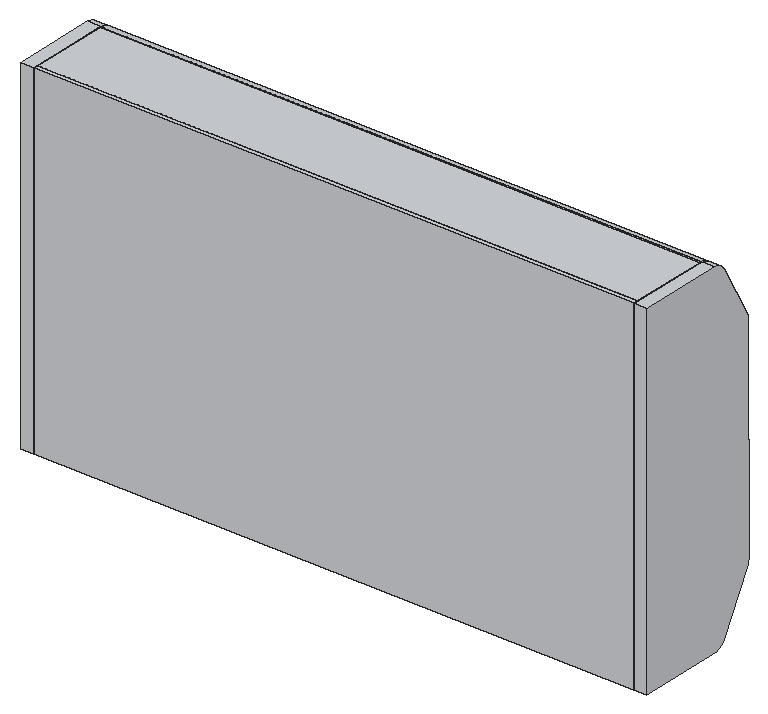
Revit family "Caspian LST 120 Mk1", category Mechanical Equipment, host Wall, Revit 2017 (continued)
Forms (mm)
  Extrusion 204, solid, material <- "Specification"
    sketch origin (-48.769, -41.539, 74.266) x (0, 1, 0) y (0, 0, 1)
      loop
        line (310.877, 552.946) -> (309.269, 555.822) -> (307.087, 554.602) -> (308.696, 551.726) -> (310.877, 552.946)
    from 210 to 250
  Extrusion 205, solid, material <- "Specification"
    sketch origin (-93.769, -41.539, 74.266) x (0, 1, 0) y (0, 0, 1)
      loop
        line (310.877, 552.946) -> (309.269, 555.822) -> (307.087, 554.602) -> (308.696, 551.726) -> (310.877, 552.946)
    from 210 to 250
  Extrusion 206, solid, material <- "Specification"
    sketch origin (-138.769, -41.539, 74.266) x (0, 1, 0) y (0, 0, 1)
      loop
        line (310.877, 552.946) -> (309.269, 555.822) -> (307.087, 554.602) -> (308.696, 551.726) -> (310.877, 552.946)
    from 210 to 250
  Extrusion 207, solid, material <- "Specification"
    sketch origin (-183.769, -41.539, 74.266) x (0, 1, 0) y (0, 0, 1)
      loop
        line (310.877, 552.946) -> (309.269, 555.822) -> (307.087, 554.602) -> (308.696, 551.726) -> (310.877, 552.946)
    from 210 to 250
  Extrusion 208, solid, material <- "Specification"
    sketch origin (-228.769, -41.539, 74.266) x (0, 1, 0) y (0, 0, 1)
      loop
        line (310.877, 552.946) -> (309.269, 555.822) -> (307.087, 554.602) -> (308.696, 551.726) -> (310.877, 552.946)
    from 210 to 250
  Extrusion 209, solid, material <- "Specification"
    sketch origin (3.769, -41.539, 74.266) x (0, 1, 0) y (0, 0, -1)
      loop
        line (310.877, -552.946) -> (308.696, -551.726) -> (307.087, -554.602) -> (309.269, -555.822) -> (310.877, -552.946)
    from 210 to 250
  Extrusion 210, solid, material <- "Specification"
    sketch origin (48.769, -41.539, 74.266) x (0, 1, 0) y (0, 0, -1)
      loop
        line (310.877, -552.946) -> (308.696, -551.726) -> (307.087, -554.602) -> (309.269, -555.822) -> (310.877, -552.946)
    from 210 to 250
  Extrusion 211, solid, material <- "Specification"
    sketch origin (93.769, -41.539, 74.266) x (0, 1, 0) y (0, 0, -1)
      loop
        line (310.877, -552.946) -> (308.696, -551.726) -> (307.087, -554.602) -> (309.269, -555.822) -> (310.877, -552.946)
    from 210 to 250
  Extrusion 212, solid, material <- "Specification"
    sketch origin (138.769, -41.539, 74.266) x (0, 1, 0) y (0, 0, -1)
      loop
        line (310.877, -552.946) -> (308.696, -551.726) -> (307.087, -554.602) -> (309.269, -555.822) -> (310.877, -552.946)
    from 210 to 250
  Extrusion 213, solid, material <- "Specification"
    sketch origin (183.769, -41.539, 74.266) x (0, 1, 0) y (0, 0, -1)
      loop
        line (310.877, -552.946) -> (308.696, -551.726) -> (307.087, -554.602) -> (309.269, -555.822) -> (310.877, -552.946)
    from 210 to 250
  Extrusion 214, solid, material <- "Specification"
    sketch origin (-3.769, -44.734, 79.979) x (0, 1, 0) y (0, 0, 1)
      loop
        line (310.877, 552.946) -> (309.269, 555.822) -> (307.087, 554.602) -> (308.696, 551.726) -> (310.877, 552.946)
    from 210 to 250
  Extrusion 215, solid, material <- "Specification"
    sketch origin (-48.769, -44.734, 79.979) x (0, 1, 0) y (0, 0, 1)
      loop
        line (310.877, 552.946) -> (309.269, 555.822) -> (307.087, 554.602) -> (308.696, 551.726) -> (310.877, 552.946)
    from 210 to 250
  Extrusion 216, solid, material <- "Specification"
    sketch origin (-93.769, -44.734, 79.979) x (0, 1, 0) y (0, 0, 1)
      loop
        line (310.877, 552.946) -> (309.269, 555.822) -> (307.087, 554.602) -> (308.696, 551.726) -> (310.877, 552.946)
    from 210 to 250
  Extrusion 217, solid, material <- "Specification"
    sketch origin (-138.769, -44.734, 79.979) x (0, 1, 0) y (0, 0, 1)
      loop
        line (310.877, 552.946) -> (309.269, 555.822) -> (307.087, 554.602) -> (308.696, 551.726) -> (310.877, 552.946)
    from 210 to 250
  Extrusion 218, solid, material <- "Specification"
    sketch origin (-183.769, -44.734, 79.979) x (0, 1, 0) y (0, 0, 1)
      loop
        line (310.877, 552.946) -> (309.269, 555.822) -> (307.087, 554.602) -> (308.696, 551.726) -> (310.877, 552.946)
    from 210 to 250
  Extrusion 219, solid, material <- "Specification"
    sketch origin (-228.769, -44.734, 79.979) x (0, 1, 0) y (0, 0, 1)
      loop
        line (310.877, 552.946) -> (309.269, 555.822) -> (307.087, 554.602) -> (308.696, 551.726) -> (310.877, 552.946)
    from 210 to 250
  Extrusion 220, solid, material <- "Specification"
    sketch origin (3.769, -44.734, 79.979) x (0, 1, 0) y (0, 0, -1)
      loop
        line (310.877, -552.946) -> (308.696, -551.726) -> (307.087, -554.602) -> (309.269, -555.822) -> (310.877, -552.946)
    from 210 to 250
  Extrusion 221, solid, material <- "Specification"
    sketch origin (48.769, -44.734, 79.979) x (0, 1, 0) y (0, 0, -1)
      loop
        line (310.877, -552.946) -> (308.696, -551.726) -> (307.087, -554.602) -> (309.269, -555.822) -> (310.877, -552.946)
    from 210 to 250
  Extrusion 222, solid, material <- "Specification"
    sketch origin (93.769, -44.734, 79.979) x (0, 1, 0) y (0, 0, -1)
      loop
        line (310.877, -552.946) -> (308.696, -551.726) -> (307.087, -554.602) -> (309.269, -555.822) -> (310.877, -552.946)
    from 210 to 250
  Extrusion 223, solid, material <- "Specification"
    sketch origin (138.769, -44.734, 79.979) x (0, 1, 0) y (0, 0, -1)
      loop
        line (310.877, -552.946) -> (308.696, -551.726) -> (307.087, -554.602) -> (309.269, -555.822) -> (310.877, -552.946)
    from 210 to 250
  Extrusion 224, solid, material <- "Specification"
    sketch origin (183.769, -44.734, 79.979) x (0, 1, 0) y (0, 0, -1)
      loop
        line (310.877, -552.946) -> (308.696, -551.726) -> (307.087, -554.602) -> (309.269, -555.822) -> (310.877, -552.946)
    from 210 to 250
  Extrusion 225, solid, material <- "Specification"
    sketch origin (221.231, 0, 0) x (0, 1, 0) y (0, 0, 1)
      loop
        line (310.877, 552.946) -> (309.269, 555.822) -> (307.087, 554.602) -> (308.696, 551.726) -> (310.877, 552.946)
    from 210 to 250
  Extrusion 226, solid, material <- "Specification"
    sketch origin (176.231, 0, 0) x (0, 1, 0) y (0, 0, 1)
      loop
        line (310.877, 552.946) -> (309.269, 555.822) -> (307.087, 554.602) -> (308.696, 551.726) -> (310.877, 552.946)
    from 210 to 250
  Extrusion 227, solid, material <- "Specification"
    sketch origin (131.231, 0, 0) x (0, 1, 0) y (0, 0, 1)
      loop
        line (310.877, 552.946) -> (309.269, 555.822) -> (307.087, 554.602) -> (308.696, 551.726) -> (310.877, 552.946)
    from 210 to 250
  Extrusion 228, solid, material <- "Specification"
    sketch origin (86.231, 0, 0) x (0, 1, 0) y (0, 0, 1)
      loop
        line (310.877, 552.946) -> (309.269, 555.822) -> (307.087, 554.602) -> (308.696, 551.726) -> (310.877, 552.946)
    from 210 to 250
  Extrusion 229, solid, material <- "Specification"
    sketch origin (41.231, 0, 0) x (0, 1, 0) y (0, 0, 1)
      loop
        line (310.877, 552.946) -> (309.269, 555.822) -> (307.087, 554.602) -> (308.696, 551.726) -> (310.877, 552.946)
    from 210 to 250
  Extrusion 230, solid, material <- "Specification"
    sketch origin (221.231, -3.195, 5.713) x (0, 1, 0) y (0, 0, 1)
      loop
        line (310.877, 552.946) -> (309.269, 555.822) -> (307.087, 554.602) -> (308.696, 551.726) -> (310.877, 552.946)
    from 210 to 250
  Extrusion 231, solid, material <- "Specification"
    sketch origin (176.231, -3.195, 5.713) x (0, 1, 0) y (0, 0, 1)
      loop
        line (310.877, 552.946) -> (309.269, 555.822) -> (307.087, 554.602) -> (308.696, 551.726) -> (310.877, 552.946)
    from 210 to 250
  Extrusion 232, solid, material <- "Specification"
    sketch origin (131.231, -3.195, 5.713) x (0, 1, 0) y (0, 0, 1)
      loop
        line (310.877, 552.946) -> (309.269, 555.822) -> (307.087, 554.602) -> (308.696, 551.726) -> (310.877, 552.946)
    from 210 to 250
  Extrusion 233, solid, material <- "Specification"
    sketch origin (86.231, -3.195, 5.713) x (0, 1, 0) y (0, 0, 1)
      loop
        line (310.877, 552.946) -> (309.269, 555.822) -> (307.087, 554.602) -> (308.696, 551.726) -> (310.877, 552.946)
    from 210 to 250
  Extrusion 234, solid, material <- "Specification"
    sketch origin (41.231, -3.195, 5.713) x (0, 1, 0) y (0, 0, 1)
      loop
        line (310.877, 552.946) -> (309.269, 555.822) -> (307.087, 554.602) -> (308.696, 551.726) -> (310.877, 552.946)
    from 210 to 250
  Extrusion 235, solid, material <- "Specification"
    sketch origin (221.231, -6.391, 11.426) x (0, 1, 0) y (0, 0, 1)
      loop
        line (310.877, 552.946) -> (309.269, 555.822) -> (307.087, 554.602) -> (308.696, 551.726) -> (310.877, 552.946)
    from 210 to 250
  Extrusion 236, solid, material <- "Specification"
    sketch origin (176.231, -6.391, 11.426) x (0, 1, 0) y (0, 0, 1)
      loop
        line (310.877, 552.946) -> (309.269, 555.822) -> (307.087, 554.602) -> (308.696, 551.726) -> (310.877, 552.946)
    from 210 to 250
  Extrusion 237, solid, material <- "Specification"
    sketch origin (131.231, -6.391, 11.426) x (0, 1, 0) y (0, 0, 1)
      loop
        line (310.877, 552.946) -> (309.269, 555.822) -> (307.087, 554.602) -> (308.696, 551.726) -> (310.877, 552.946)
    from 210 to 250
  Extrusion 238, solid, material <- "Specification"
    sketch origin (86.231, -6.391, 11.426) x (0, 1, 0) y (0, 0, 1)
      loop
        line (310.877, 552.946) -> (309.269, 555.822) -> (307.087, 554.602) -> (308.696, 551.726) -> (310.877, 552.946)
    from 210 to 250
  Extrusion 239, solid, material <- "Specification"
    sketch origin (41.231, -6.391, 11.426) x (0, 1, 0) y (0, 0, 1)
      loop
        line (310.877, 552.946) -> (309.269, 555.822) -> (307.087, 554.602) -> (308.696, 551.726) -> (310.877, 552.946)
    from 210 to 250
  Extrusion 240, solid, material <- "Specification"
    sketch origin (221.231, -9.586, 17.138) x (0, 1, 0) y (0, 0, 1)
      loop
        line (310.877, 552.946) -> (309.269, 555.822) -> (307.087, 554.602) -> (308.696, 551.726) -> (310.877, 552.946)
    from 210 to 250
  Extrusion 241, solid, material <- "Specification"
    sketch origin (176.231, -9.586, 17.138) x (0, 1, 0) y (0, 0, 1)
      loop
        line (310.877, 552.946) -> (309.269, 555.822) -> (307.087, 554.602) -> (308.696, 551.726) -> (310.877, 552.946)
    from 210 to 250
  Extrusion 242, solid, material <- "Specification"
    sketch origin (131.231, -9.586, 17.138) x (0, 1, 0) y (0, 0, 1)
      loop
        line (310.877, 552.946) -> (309.269, 555.822) -> (307.087, 554.602) -> (308.696, 551.726) -> (310.877, 552.946)
    from 210 to 250
  Extrusion 243, solid, material <- "Specification"
    sketch origin (86.231, -9.586, 17.138) x (0, 1, 0) y (0, 0, 1)
      loop
        line (310.877, 552.946) -> (309.269, 555.822) -> (307.087, 554.602) -> (308.696, 551.726) -> (310.877, 552.946)
    from 210 to 250
  Extrusion 244, solid, material <- "Specification"
    sketch origin (41.231, -9.586, 17.138) x (0, 1, 0) y (0, 0, 1)
      loop
        line (310.877, 552.946) -> (309.269, 555.822) -> (307.087, 554.602) -> (308.696, 551.726) -> (310.877, 552.946)
    from 210 to 250
  Extrusion 245, solid, material <- "Specification"
    sketch origin (221.231, -12.781, 22.851) x (0, 1, 0) y (0, 0, 1)
      loop
        line (310.877, 552.946) -> (309.269, 555.822) -> (307.087, 554.602) -> (308.696, 551.726) -> (310.877, 552.946)
    from 210 to 250
  Extrusion 246, solid, material <- "Specification"
    sketch origin (176.231, -12.781, 22.851) x (0, 1, 0) y (0, 0, 1)
      loop
        line (310.877, 552.946) -> (309.269, 555.822) -> (307.087, 554.602) -> (308.696, 551.726) -> (310.877, 552.946)
    from 210 to 250
  Extrusion 247, solid, material <- "Specification"
    sketch origin (131.231, -12.781, 22.851) x (0, 1, 0) y (0, 0, 1)
      loop
        line (310.877, 552.946) -> (309.269, 555.822) -> (307.087, 554.602) -> (308.696, 551.726) -> (310.877, 552.946)
    from 210 to 250
  Extrusion 248, solid, material <- "Specification"
    sketch origin (86.231, -12.781, 22.851) x (0, 1, 0) y (0, 0, 1)
      loop
        line (310.877, 552.946) -> (309.269, 555.822) -> (307.087, 554.602) -> (308.696, 551.726) -> (310.877, 552.946)
    from 210 to 250
  Extrusion 249, solid, material <- "Specification"
    sketch origin (41.231, -12.781, 22.851) x (0, 1, 0) y (0, 0, 1)
      loop
        line (310.877, 552.946) -> (309.269, 555.822) -> (307.087, 554.602) -> (308.696, 551.726) -> (310.877, 552.946)
    from 210 to 250
  Extrusion 250, solid, material <- "Specification"
    sketch origin (221.231, -15.976, 28.564) x (0, 1, 0) y (0, 0, 1)
      loop
        line (310.877, 552.946) -> (309.269, 555.822) -> (307.087, 554.602) -> (308.696, 551.726) -> (310.877, 552.946)
    from 210 to 250
  Extrusion 251, solid, material <- "Specification"
    sketch origin (176.231, -15.976, 28.564) x (0, 1, 0) y (0, 0, 1)
      loop
        line (310.877, 552.946) -> (309.269, 555.822) -> (307.087, 554.602) -> (308.696, 551.726) -> (310.877, 552.946)
    from 210 to 250
  Extrusion 252, solid, material <- "Specification"
    sketch origin (131.231, -15.976, 28.564) x (0, 1, 0) y (0, 0, 1)
      loop
        line (310.877, 552.946) -> (309.269, 555.822) -> (307.087, 554.602) -> (308.696, 551.726) -> (310.877, 552.946)
    from 210 to 250
  Extrusion 253, solid, material <- "Specification"
    sketch origin (86.231, -15.976, 28.564) x (0, 1, 0) y (0, 0, 1)
      loop
        line (310.877, 552.946) -> (309.269, 555.822) -> (307.087, 554.602) -> (308.696, 551.726) -> (310.877, 552.946)
    from 210 to 250
  Extrusion 254, solid, material <- "Specification"
    sketch origin (41.231, -15.976, 28.564) x (0, 1, 0) y (0, 0, 1)
      loop
        line (310.877, 552.946) -> (309.269, 555.822) -> (307.087, 554.602) -> (308.696, 551.726) -> (310.877, 552.946)
    from 210 to 250
  Extrusion 255, solid, material <- "Specification"
    sketch origin (221.231, -19.172, 34.277) x (0, 1, 0) y (0, 0, 1)
      loop
        line (310.877, 552.946) -> (309.269, 555.822) -> (307.087, 554.602) -> (308.696, 551.726) -> (310.877, 552.946)
    from 210 to 250
  Extrusion 256, solid, material <- "Specification"
    sketch origin (176.231, -19.172, 34.277) x (0, 1, 0) y (0, 0, 1)
      loop
        line (310.877, 552.946) -> (309.269, 555.822) -> (307.087, 554.602) -> (308.696, 551.726) -> (310.877, 552.946)
    from 210 to 250
  Extrusion 257, solid, material <- "Specification"
    sketch origin (131.231, -19.172, 34.277) x (0, 1, 0) y (0, 0, 1)
      loop
        line (310.877, 552.946) -> (309.269, 555.822) -> (307.087, 554.602) -> (308.696, 551.726) -> (310.877, 552.946)
    from 210 to 250
  Extrusion 258, solid, material <- "Specification"
    sketch origin (86.231, -19.172, 34.277) x (0, 1, 0) y (0, 0, 1)
      loop
        line (310.877, 552.946) -> (309.269, 555.822) -> (307.087, 554.602) -> (308.696, 551.726) -> (310.877, 552.946)
    from 210 to 250
  Extrusion 259, solid, material <- "Specification"
    sketch origin (41.231, -19.172, 34.277) x (0, 1, 0) y (0, 0, 1)
      loop
        line (310.877, 552.946) -> (309.269, 555.822) -> (307.087, 554.602) -> (308.696, 551.726) -> (310.877, 552.946)
    from 210 to 250
  Extrusion 260, solid, material <- "Specification"
    sketch origin (221.231, -22.367, 39.99) x (0, 1, 0) y (0, 0, 1)
      loop
        line (310.877, 552.946) -> (309.269, 555.822) -> (307.087, 554.602) -> (308.696, 551.726) -> (310.877, 552.946)
    from 210 to 250
  Extrusion 261, solid, material <- "Specification"
    sketch origin (176.231, -22.367, 39.99) x (0, 1, 0) y (0, 0, 1)
      loop
        line (310.877, 552.946) -> (309.269, 555.822) -> (307.087, 554.602) -> (308.696, 551.726) -> (310.877, 552.946)
    from 210 to 250
  Extrusion 262, solid, material <- "Specification"
    sketch origin (131.231, -22.367, 39.99) x (0, 1, 0) y (0, 0, 1)
      loop
        line (310.877, 552.946) -> (309.269, 555.822) -> (307.087, 554.602) -> (308.696, 551.726) -> (310.877, 552.946)
    from 210 to 250
  Extrusion 263, solid, material <- "Specification"
    sketch origin (86.231, -22.367, 39.99) x (0, 1, 0) y (0, 0, 1)
      loop
        line (310.877, 552.946) -> (309.269, 555.822) -> (307.087, 554.602) -> (308.696, 551.726) -> (310.877, 552.946)
    from 210 to 250
  Extrusion 264, solid, material <- "Specification"
    sketch origin (41.231, -22.367, 39.99) x (0, 1, 0) y (0, 0, 1)
      loop
        line (310.877, 552.946) -> (309.269, 555.822) -> (307.087, 554.602) -> (308.696, 551.726) -> (310.877, 552.946)
    from 210 to 250
  Extrusion 265, solid, material <- "Specification"
    sketch origin (221.231, -25.562, 45.702) x (0, 1, 0) y (0, 0, 1)
      loop
        line (310.877, 552.946) -> (309.269, 555.822) -> (307.087, 554.602) -> (308.696, 551.726) -> (310.877, 552.946)
    from 210 to 250
  Extrusion 266, solid, material <- "Specification"
    sketch origin (176.231, -25.562, 45.702) x (0, 1, 0) y (0, 0, 1)
      loop
        line (310.877, 552.946) -> (309.269, 555.822) -> (307.087, 554.602) -> (308.696, 551.726) -> (310.877, 552.946)
    from 210 to 250
  Extrusion 267, solid, material <- "Specification"
    sketch origin (131.231, -25.562, 45.702) x (0, 1, 0) y (0, 0, 1)
      loop
        line (310.877, 552.946) -> (309.269, 555.822) -> (307.087, 554.602) -> (308.696, 551.726) -> (310.877, 552.946)
    from 210 to 250
  Extrusion 268, solid, material <- "Specification"
    sketch origin (86.231, -25.562, 45.702) x (0, 1, 0) y (0, 0, 1)
      loop
        line (310.877, 552.946) -> (309.269, 555.822) -> (307.087, 554.602) -> (308.696, 551.726) -> (310.877, 552.946)
    from 210 to 250
  Extrusion 269, solid, material <- "Specification"
    sketch origin (41.231, -25.562, 45.702) x (0, 1, 0) y (0, 0, 1)
      loop
        line (310.877, 552.946) -> (309.269, 555.822) -> (307.087, 554.602) -> (308.696, 551.726) -> (310.877, 552.946)
    from 210 to 250
  Extrusion 270, solid, material <- "Specification"
    sketch origin (221.231, -28.758, 51.415) x (0, 1, 0) y (0, 0, 1)
      loop
        line (310.877, 552.946) -> (309.269, 555.822) -> (307.087, 554.602) -> (308.696, 551.726) -> (310.877, 552.946)
    from 210 to 250
  Extrusion 271, solid, material <- "Specification"
    sketch origin (176.231, -28.758, 51.415) x (0, 1, 0) y (0, 0, 1)
      loop
        line (310.877, 552.946) -> (309.269, 555.822) -> (307.087, 554.602) -> (308.696, 551.726) -> (310.877, 552.946)
    from 210 to 250
  Extrusion 272, solid, material <- "Specification"
    sketch origin (131.231, -28.758, 51.415) x (0, 1, 0) y (0, 0, 1)
      loop
        line (310.877, 552.946) -> (309.269, 555.822) -> (307.087, 554.602) -> (308.696, 551.726) -> (310.877, 552.946)
    from 210 to 250
  Extrusion 273, solid, material <- "Specification"
    sketch origin (86.231, -28.758, 51.415) x (0, 1, 0) y (0, 0, 1)
      loop
        line (310.877, 552.946) -> (309.269, 555.822) -> (307.087, 554.602) -> (308.696, 551.726) -> (310.877, 552.946)
    from 210 to 250
  Extrusion 274, solid, material <- "Specification"
    sketch origin (41.231, -28.758, 51.415) x (0, 1, 0) y (0, 0, 1)
      loop
        line (310.877, 552.946) -> (309.269, 555.822) -> (307.087, 554.602) -> (308.696, 551.726) -> (310.877, 552.946)
    from 210 to 250
  Extrusion 275, solid, material <- "Specification"
    sketch origin (221.231, -31.953, 57.128) x (0, 1, 0) y (0, 0, 1)
      loop
        line (310.877, 552.946) -> (309.269, 555.822) -> (307.087, 554.602) -> (308.696, 551.726) -> (310.877, 552.946)
    from 210 to 250
  Extrusion 276, solid, material <- "Specification"
    sketch origin (176.231, -31.953, 57.128) x (0, 1, 0) y (0, 0, 1)
      loop
        line (310.877, 552.946) -> (309.269, 555.822) -> (307.087, 554.602) -> (308.696, 551.726) -> (310.877, 552.946)
    from 210 to 250
  Extrusion 277, solid, material <- "Specification"
    sketch origin (131.231, -31.953, 57.128) x (0, 1, 0) y (0, 0, 1)
      loop
        line (310.877, 552.946) -> (309.269, 555.822) -> (307.087, 554.602) -> (308.696, 551.726) -> (310.877, 552.946)
    from 210 to 250
  Extrusion 278, solid, material <- "Specification"
    sketch origin (86.231, -31.953, 57.128) x (0, 1, 0) y (0, 0, 1)
      loop
        line (310.877, 552.946) -> (309.269, 555.822) -> (307.087, 554.602) -> (308.696, 551.726) -> (310.877, 552.946)
    from 210 to 250
  Extrusion 279, solid, material <- "Specification"
    sketch origin (41.231, -31.953, 57.128) x (0, 1, 0) y (0, 0, 1)
      loop
        line (310.877, 552.946) -> (309.269, 555.822) -> (307.087, 554.602) -> (308.696, 551.726) -> (310.877, 552.946)
    from 210 to 250
  Extrusion 280, solid, material <- "Specification"
    sketch origin (221.231, -35.148, 62.841) x (0, 1, 0) y (0, 0, 1)
      loop
        line (310.877, 552.946) -> (309.269, 555.822) -> (307.087, 554.602) -> (308.696, 551.726) -> (310.877, 552.946)
    from 210 to 250
  Extrusion 281, solid, material <- "Specification"
    sketch origin (176.231, -35.148, 62.841) x (0, 1, 0) y (0, 0, 1)
      loop
        line (310.877, 552.946) -> (309.269, 555.822) -> (307.087, 554.602) -> (308.696, 551.726) -> (310.877, 552.946)
    from 210 to 250
  Extrusion 282, solid, material <- "Specification"
    sketch origin (131.231, -35.148, 62.841) x (0, 1, 0) y (0, 0, 1)
      loop
        line (310.877, 552.946) -> (309.269, 555.822) -> (307.087, 554.602) -> (308.696, 551.726) -> (310.877, 552.946)
    from 210 to 250
  Extrusion 283, solid, material <- "Specification"
    sketch origin (86.231, -35.148, 62.841) x (0, 1, 0) y (0, 0, 1)
      loop
        line (310.877, 552.946) -> (309.269, 555.822) -> (307.087, 554.602) -> (308.696, 551.726) -> (310.877, 552.946)
    from 210 to 250
  Extrusion 284, solid, material <- "Specification"
    sketch origin (41.231, -35.148, 62.841) x (0, 1, 0) y (0, 0, 1)
      loop
        line (310.877, 552.946) -> (309.269, 555.822) -> (307.087, 554.602) -> (308.696, 551.726) -> (310.877, 552.946)
    from 210 to 250
  Extrusion 285, solid, material <- "Specification"
    sketch origin (221.231, -38.344, 68.554) x (0, 1, 0) y (0, 0, 1)
      loop
        line (310.877, 552.946) -> (309.269, 555.822) -> (307.087, 554.602) -> (308.696, 551.726) -> (310.877, 552.946)
    from 210 to 250
  Extrusion 286, solid, material <- "Specification"
    sketch origin (176.231, -38.344, 68.554) x (0, 1, 0) y (0, 0, 1)
      loop
        line (310.877, 552.946) -> (309.269, 555.822) -> (307.087, 554.602) -> (308.696, 551.726) -> (310.877, 552.946)
    from 210 to 250
  Extrusion 287, solid, material <- "Specification"
    sketch origin (131.231, -38.344, 68.554) x (0, 1, 0) y (0, 0, 1)
      loop
        line (310.877, 552.946) -> (309.269, 555.822) -> (307.087, 554.602) -> (308.696, 551.726) -> (310.877, 552.946)
    from 210 to 250
  Extrusion 288, solid, material <- "Specification"
    sketch origin (86.231, -38.344, 68.554) x (0, 1, 0) y (0, 0, 1)
      loop
        line (310.877, 552.946) -> (309.269, 555.822) -> (307.087, 554.602) -> (308.696, 551.726) -> (310.877, 552.946)
    from 210 to 250
  Extrusion 289, solid, material <- "Specification"
    sketch origin (41.231, -38.344, 68.554) x (0, 1, 0) y (0, 0, 1)
      loop
        line (310.877, 552.946) -> (309.269, 555.822) -> (307.087, 554.602) -> (308.696, 551.726) -> (310.877, 552.946)
    from 210 to 250
  Extrusion 290, solid, material <- "Specification"
    sketch origin (221.231, -41.539, 74.266) x (0, 1, 0) y (0, 0, 1)
      loop
        line (310.877, 552.946) -> (309.269, 555.822) -> (307.087, 554.602) -> (308.696, 551.726) -> (310.877, 552.946)
    from 210 to 250
  Extrusion 291, solid, material <- "Specification"
    sketch origin (176.231, -41.539, 74.266) x (0, 1, 0) y (0, 0, 1)
      loop
        line (310.877, 552.946) -> (309.269, 555.822) -> (307.087, 554.602) -> (308.696, 551.726) -> (310.877, 552.946)
    from 210 to 250
  Extrusion 292, solid, material <- "Specification"
    sketch origin (131.231, -41.539, 74.266) x (0, 1, 0) y (0, 0, 1)
      loop
        line (310.877, 552.946) -> (309.269, 555.822) -> (307.087, 554.602) -> (308.696, 551.726) -> (310.877, 552.946)
    from 210 to 250
  Extrusion 293, solid, material <- "Specification"
    sketch origin (86.231, -41.539, 74.266) x (0, 1, 0) y (0, 0, 1)
      loop
        line (310.877, 552.946) -> (309.269, 555.822) -> (307.087, 554.602) -> (308.696, 551.726) -> (310.877, 552.946)
    from 210 to 250
  Extrusion 294, solid, material <- "Specification"
    sketch origin (41.231, -41.539, 74.266) x (0, 1, 0) y (0, 0, 1)
      loop
        line (310.877, 552.946) -> (309.269, 555.822) -> (307.087, 554.602) -> (308.696, 551.726) -> (310.877, 552.946)
    from 210 to 250
  Extrusion 295, solid, material <- "Specification"
    sketch origin (221.231, -44.734, 79.979) x (0, 1, 0) y (0, 0, 1)
      loop
        line (310.877, 552.946) -> (309.269, 555.822) -> (307.087, 554.602) -> (308.696, 551.726) -> (310.877, 552.946)
    from 210 to 250
  Extrusion 296, solid, material <- "Specification"
    sketch origin (176.231, -44.734, 79.979) x (0, 1, 0) y (0, 0, 1)
      loop
        line (310.877, 552.946) -> (309.269, 555.822) -> (307.087, 554.602) -> (308.696, 551.726) -> (310.877, 552.946)
    from 210 to 250
  Extrusion 297, solid, material <- "Specification"
    sketch origin (131.231, -44.734, 79.979) x (0, 1, 0) y (0, 0, 1)
      loop
        line (310.877, 552.946) -> (309.269, 555.822) -> (307.087, 554.602) -> (308.696, 551.726) -> (310.877, 552.946)
    from 210 to 250
  Extrusion 298, solid, material <- "Specification"
    sketch origin (86.231, -44.734, 79.979) x (0, 1, 0) y (0, 0, 1)
      loop
        line (310.877, 552.946) -> (309.269, 555.822) -> (307.087, 554.602) -> (308.696, 551.726) -> (310.877, 552.946)
    from 210 to 250
  Extrusion 299, solid, material <- "Specification"
    sketch origin (41.231, -44.734, 79.979) x (0, 1, 0) y (0, 0, 1)
      loop
        line (310.877, 552.946) -> (309.269, 555.822) -> (307.087, 554.602) -> (308.696, 551.726) -> (310.877, 552.946)
    from 210 to 250
  Extrusion 300, solid, material <- "Specification"
    sketch origin (266.231, 0, 0) x (0, 1, 0) y (0, 0, 1)
      loop
        line (310.877, 552.946) -> (309.269, 555.822) -> (307.087, 554.602) -> (308.696, 551.726) -> (310.877, 552.946)
    from 210 to 250
  Extrusion 301, solid, material <- "Specification"
    sketch origin (266.231, -3.195, 5.713) x (0, 1, 0) y (0, 0, 1)
      loop
        line (310.877, 552.946) -> (309.269, 555.822) -> (307.087, 554.602) -> (308.696, 551.726) -> (310.877, 552.946)
    from 210 to 250
  Extrusion 302, solid, material <- "Specification"
    sketch origin (266.231, -6.391, 11.426) x (0, 1, 0) y (0, 0, 1)
      loop
        line (310.877, 552.946) -> (309.269, 555.822) -> (307.087, 554.602) -> (308.696, 551.726) -> (310.877, 552.946)
    from 210 to 250
  Extrusion 303, solid, material <- "Specification"
    sketch origin (266.231, -9.586, 17.138) x (0, 1, 0) y (0, 0, 1)
      loop
        line (310.877, 552.946) -> (309.269, 555.822) -> (307.087, 554.602) -> (308.696, 551.726) -> (310.877, 552.946)
    from 210 to 250
  Extrusion 304, solid, material <- "Specification"
    sketch origin (266.231, -12.781, 22.851) x (0, 1, 0) y (0, 0, 1)
      loop
        line (310.877, 552.946) -> (309.269, 555.822) -> (307.087, 554.602) -> (308.696, 551.726) -> (310.877, 552.946)
    from 210 to 250
  Extrusion 305, solid, material <- "Specification"
    sketch origin (266.231, -15.976, 28.564) x (0, 1, 0) y (0, 0, 1)
      loop
        line (310.877, 552.946) -> (309.269, 555.822) -> (307.087, 554.602) -> (308.696, 551.726) -> (310.877, 552.946)
    from 210 to 250
  Extrusion 306, solid, material <- "Specification"
    sketch origin (266.231, -19.172, 34.277) x (0, 1, 0) y (0, 0, 1)
      loop
        line (310.877, 552.946) -> (309.269, 555.822) -> (307.087, 554.602) -> (308.696, 551.726) -> (310.877, 552.946)
    from 210 to 250
  Extrusion 307, solid, material <- "Specification"
    sketch origin (266.231, -22.367, 39.99) x (0, 1, 0) y (0, 0, 1)
      loop
        line (310.877, 552.946) -> (309.269, 555.822) -> (307.087, 554.602) -> (308.696, 551.726) -> (310.877, 552.946)
    from 210 to 250
  Extrusion 308, solid, material <- "Specification"
    sketch origin (266.231, -25.562, 45.702) x (0, 1, 0) y (0, 0, 1)
      loop
        line (310.877, 552.946) -> (309.269, 555.822) -> (307.087, 554.602) -> (308.696, 551.726) -> (310.877, 552.946)
    from 210 to 250
  Extrusion 309, solid, material <- "Specification"
    sketch origin (266.231, -28.758, 51.415) x (0, 1, 0) y (0, 0, 1)
      loop
        line (310.877, 552.946) -> (309.269, 555.822) -> (307.087, 554.602) -> (308.696, 551.726) -> (310.877, 552.946)
    from 210 to 250
  Extrusion 310, solid, material <- "Specification"
    sketch origin (266.231, -31.953, 57.128) x (0, 1, 0) y (0, 0, 1)
      loop
        line (310.877, 552.946) -> (309.269, 555.822) -> (307.087, 554.602) -> (308.696, 551.726) -> (310.877, 552.946)
    from 210 to 250
  Extrusion 311, solid, material <- "Specification"
    sketch origin (266.231, -35.148, 62.841) x (0, 1, 0) y (0, 0, 1)
      loop
        line (310.877, 552.946) -> (309.269, 555.822) -> (307.087, 554.602) -> (308.696, 551.726) -> (310.877, 552.946)
    from 210 to 250
  Extrusion 312, solid, material <- "Specification"
    sketch origin (266.231, -38.344, 68.554) x (0, 1, 0) y (0, 0, 1)
      loop
        line (310.877, 552.946) -> (309.269, 555.822) -> (307.087, 554.602) -> (308.696, 551.726) -> (310.877, 552.946)
    from 210 to 250
  Extrusion 313, solid, material <- "Specification"
    sketch origin (266.231, -41.539, 74.266) x (0, 1, 0) y (0, 0, 1)
      loop
        line (310.877, 552.946) -> (309.269, 555.822) -> (307.087, 554.602) -> (308.696, 551.726) -> (310.877, 552.946)
    from 210 to 250
  Extrusion 314, solid, material <- "Specification"
    sketch origin (266.231, -44.734, 79.979) x (0, 1, 0) y (0, 0, 1)
      loop
        line (310.877, 552.946) -> (309.269, 555.822) -> (307.087, 554.602) -> (308.696, 551.726) -> (310.877, 552.946)
    from 210 to 250
  Extrusion 315, solid, material <- "Specification"
    sketch origin (-501.231, 0, 0) x (0, 1, 0) y (0, 0, 1)
      loop
        line (310.877, 552.946) -> (309.269, 555.822) -> (307.087, 554.602) -> (308.696, 551.726) -> (310.877, 552.946)
    from 210 to 250
  Extrusion 316, solid, material <- "Specification"
    sketch origin (-268.693, 0, 0) x (0, 1, 0) y (0, 0, -1)
      loop
        line (310.877, -552.946) -> (308.696, -551.726) -> (307.087, -554.602) -> (309.269, -555.822) -> (310.877, -552.946)
    from 210 to 250
  Extrusion 317, solid, material <- "Specification"
    sketch origin (-223.693, 0, 0) x (0, 1, 0) y (0, 0, -1)
      loop
        line (310.877, -552.946) -> (308.696, -551.726) -> (307.087, -554.602) -> (309.269, -555.822) -> (310.877, -552.946)
    from 210 to 250
  Extrusion 318, solid, material <- "Specification"
    sketch origin (-178.693, 0, 0) x (0, 1, 0) y (0, 0, -1)
      loop
        line (310.877, -552.946) -> (308.696, -551.726) -> (307.087, -554.602) -> (309.269, -555.822) -> (310.877, -552.946)
    from 210 to 250
  Extrusion 319, solid, material <- "Specification"
    sketch origin (-133.693, 0, 0) x (0, 1, 0) y (0, 0, -1)
      loop
        line (310.877, -552.946) -> (308.696, -551.726) -> (307.087, -554.602) -> (309.269, -555.822) -> (310.877, -552.946)
    from 210 to 250
  Extrusion 320, solid, material <- "Specification"
    sketch origin (-88.693, 0, 0) x (0, 1, 0) y (0, 0, -1)
      loop
        line (310.877, -552.946) -> (308.696, -551.726) -> (307.087, -554.602) -> (309.269, -555.822) -> (310.877, -552.946)
    from 210 to 250
  Extrusion 321, solid, material <- "Specification"
    sketch origin (-501.231, -3.195, 5.713) x (0, 1, 0) y (0, 0, 1)
      loop
        line (310.877, 552.946) -> (309.269, 555.822) -> (307.087, 554.602) -> (308.696, 551.726) -> (310.877, 552.946)
    from 210 to 250
  Extrusion 322, solid, material <- "Specification"
    sketch origin (-268.693, -3.195, 5.713) x (0, 1, 0) y (0, 0, -1)
      loop
        line (310.877, -552.946) -> (308.696, -551.726) -> (307.087, -554.602) -> (309.269, -555.822) -> (310.877, -552.946)
    from 210 to 250
  Extrusion 323, solid, material <- "Specification"
    sketch origin (-223.693, -3.195, 5.713) x (0, 1, 0) y (0, 0, -1)
      loop
        line (310.877, -552.946) -> (308.696, -551.726) -> (307.087, -554.602) -> (309.269, -555.822) -> (310.877, -552.946)
    from 210 to 250
  Extrusion 324, solid, material <- "Specification"
    sketch origin (-178.693, -3.195, 5.713) x (0, 1, 0) y (0, 0, -1)
      loop
        line (310.877, -552.946) -> (308.696, -551.726) -> (307.087, -554.602) -> (309.269, -555.822) -> (310.877, -552.946)
    from 210 to 250
  Extrusion 325, solid, material <- "Specification"
    sketch origin (-133.693, -3.195, 5.713) x (0, 1, 0) y (0, 0, -1)
      loop
        line (310.877, -552.946) -> (308.696, -551.726) -> (307.087, -554.602) -> (309.269, -555.822) -> (310.877, -552.946)
    from 210 to 250
  Extrusion 326, solid, material <- "Specification"
    sketch origin (-88.693, -3.195, 5.713) x (0, 1, 0) y (0, 0, -1)
      loop
        line (310.877, -552.946) -> (308.696, -551.726) -> (307.087, -554.602) -> (309.269, -555.822) -> (310.877, -552.946)
    from 210 to 250
  Extrusion 327, solid, material <- "Specification"
    sketch origin (-501.231, -6.391, 11.426) x (0, 1, 0) y (0, 0, 1)
      loop
        line (310.877, 552.946) -> (309.269, 555.822) -> (307.087, 554.602) -> (308.696, 551.726) -> (310.877, 552.946)
    from 210 to 250
  Extrusion 328, solid, material <- "Specification"
    sketch origin (-268.693, -6.391, 11.426) x (0, 1, 0) y (0, 0, -1)
      loop
        line (310.877, -552.946) -> (308.696, -551.726) -> (307.087, -554.602) -> (309.269, -555.822) -> (310.877, -552.946)
    from 210 to 250
  Extrusion 329, solid, material <- "Specification"
    sketch origin (-223.693, -6.391, 11.426) x (0, 1, 0) y (0, 0, -1)
      loop
        line (310.877, -552.946) -> (308.696, -551.726) -> (307.087, -554.602) -> (309.269, -555.822) -> (310.877, -552.946)
    from 210 to 250
  Extrusion 330, solid, material <- "Specification"
    sketch origin (-178.693, -6.391, 11.426) x (0, 1, 0) y (0, 0, -1)
      loop
        line (310.877, -552.946) -> (308.696, -551.726) -> (307.087, -554.602) -> (309.269, -555.822) -> (310.877, -552.946)
    from 210 to 250
  Extrusion 331, solid, material <- "Specification"
    sketch origin (-133.693, -6.391, 11.426) x (0, 1, 0) y (0, 0, -1)
      loop
        line (310.877, -552.946) -> (308.696, -551.726) -> (307.087, -554.602) -> (309.269, -555.822) -> (310.877, -552.946)
    from 210 to 250
  Extrusion 332, solid, material <- "Specification"
    sketch origin (-88.693, -6.391, 11.426) x (0, 1, 0) y (0, 0, -1)
      loop
        line (310.877, -552.946) -> (308.696, -551.726) -> (307.087, -554.602) -> (309.269, -555.822) -> (310.877, -552.946)
    from 210 to 250
  Extrusion 333, solid, material <- "Specification"
    sketch origin (-501.231, -9.586, 17.138) x (0, 1, 0) y (0, 0, 1)
      loop
        line (310.877, 552.946) -> (309.269, 555.822) -> (307.087, 554.602) -> (308.696, 551.726) -> (310.877, 552.946)
    from 210 to 250
  Extrusion 334, solid, material <- "Specification"
    sketch origin (-268.693, -9.586, 17.138) x (0, 1, 0) y (0, 0, -1)
      loop
        line (310.877, -552.946) -> (308.696, -551.726) -> (307.087, -554.602) -> (309.269, -555.822) -> (310.877, -552.946)
    from 210 to 250
  Extrusion 335, solid, material <- "Specification"
    sketch origin (-223.693, -9.586, 17.138) x (0, 1, 0) y (0, 0, -1)
      loop
        line (310.877, -552.946) -> (308.696, -551.726) -> (307.087, -554.602) -> (309.269, -555.822) -> (310.877, -552.946)
    from 210 to 250
  Extrusion 336, solid, material <- "Specification"
    sketch origin (-178.693, -9.586, 17.138) x (0, 1, 0) y (0, 0, -1)
      loop
        line (310.877, -552.946) -> (308.696, -551.726) -> (307.087, -554.602) -> (309.269, -555.822) -> (310.877, -552.946)
    from 210 to 250
  Extrusion 337, solid, material <- "Specification"
    sketch origin (-133.693, -9.586, 17.138) x (0, 1, 0) y (0, 0, -1)
      loop
        line (310.877, -552.946) -> (308.696, -551.726) -> (307.087, -554.602) -> (309.269, -555.822) -> (310.877, -552.946)
    from 210 to 250
  Extrusion 338, solid, material <- "Specification"
    sketch origin (-88.693, -9.586, 17.138) x (0, 1, 0) y (0, 0, -1)
      loop
        line (310.877, -552.946) -> (308.696, -551.726) -> (307.087, -554.602) -> (309.269, -555.822) -> (310.877, -552.946)
    from 210 to 250
  Extrusion 339, solid, material <- "Specification"
    sketch origin (-501.231, -12.781, 22.851) x (0, 1, 0) y (0, 0, 1)
      loop
        line (310.877, 552.946) -> (309.269, 555.822) -> (307.087, 554.602) -> (308.696, 551.726) -> (310.877, 552.946)
    from 210 to 250
  Extrusion 340, solid, material <- "Specification"
    sketch origin (-268.693, -12.781, 22.851) x (0, 1, 0) y (0, 0, -1)
      loop
        line (310.877, -552.946) -> (308.696, -551.726) -> (307.087, -554.602) -> (309.269, -555.822) -> (310.877, -552.946)
    from 210 to 250
  Extrusion 341, solid, material <- "Specification"
    sketch origin (-223.693, -12.781, 22.851) x (0, 1, 0) y (0, 0, -1)
      loop
        line (310.877, -552.946) -> (308.696, -551.726) -> (307.087, -554.602) -> (309.269, -555.822) -> (310.877, -552.946)
    from 210 to 250
  Extrusion 342, solid, material <- "Specification"
    sketch origin (-178.693, -12.781, 22.851) x (0, 1, 0) y (0, 0, -1)
      loop
        line (310.877, -552.946) -> (308.696, -551.726) -> (307.087, -554.602) -> (309.269, -555.822) -> (310.877, -552.946)
    from 210 to 250
  Extrusion 343, solid, material <- "Specification"
    sketch origin (-133.693, -12.781, 22.851) x (0, 1, 0) y (0, 0, -1)
      loop
        line (310.877, -552.946) -> (308.696, -551.726) -> (307.087, -554.602) -> (309.269, -555.822) -> (310.877, -552.946)
    from 210 to 250
  Extrusion 344, solid, material <- "Specification"
    sketch origin (-88.693, -12.781, 22.851) x (0, 1, 0) y (0, 0, -1)
      loop
        line (310.877, -552.946) -> (308.696, -551.726) -> (307.087, -554.602) -> (309.269, -555.822) -> (310.877, -552.946)
    from 210 to 250
  Extrusion 345, solid, material <- "Specification"
    sketch origin (-501.231, -15.976, 28.564) x (0, 1, 0) y (0, 0, 1)
      loop
        line (310.877, 552.946) -> (309.269, 555.822) -> (307.087, 554.602) -> (308.696, 551.726) -> (310.877, 552.946)
    from 210 to 250
  Extrusion 346, solid, material <- "Specification"
    sketch origin (-268.693, -15.976, 28.564) x (0, 1, 0) y (0, 0, -1)
      loop
        line (310.877, -552.946) -> (308.696, -551.726) -> (307.087, -554.602) -> (309.269, -555.822) -> (310.877, -552.946)
    from 210 to 250
  Extrusion 347, solid, material <- "Specification"
    sketch origin (-223.693, -15.976, 28.564) x (0, 1, 0) y (0, 0, -1)
      loop
        line (310.877, -552.946) -> (308.696, -551.726) -> (307.087, -554.602) -> (309.269, -555.822) -> (310.877, -552.946)
    from 210 to 250
  Extrusion 348, solid, material <- "Specification"
    sketch origin (-178.693, -15.976, 28.564) x (0, 1, 0) y (0, 0, -1)
      loop
        line (310.877, -552.946) -> (308.696, -551.726) -> (307.087, -554.602) -> (309.269, -555.822) -> (310.877, -552.946)
    from 210 to 250
  Extrusion 349, solid, material <- "Specification"
    sketch origin (-133.693, -15.976, 28.564) x (0, 1, 0) y (0, 0, -1)
      loop
        line (310.877, -552.946) -> (308.696, -551.726) -> (307.087, -554.602) -> (309.269, -555.822) -> (310.877, -552.946)
    from 210 to 250
  Extrusion 350, solid, material <- "Specification"
    sketch origin (-88.693, -15.976, 28.564) x (0, 1, 0) y (0, 0, -1)
      loop
        line (310.877, -552.946) -> (308.696, -551.726) -> (307.087, -554.602) -> (309.269, -555.822) -> (310.877, -552.946)
    from 210 to 250
  Extrusion 351, solid, material <- "Specification"
    sketch origin (-501.231, -19.172, 34.277) x (0, 1, 0) y (0, 0, 1)
      loop
        line (310.877, 552.946) -> (309.269, 555.822) -> (307.087, 554.602) -> (308.696, 551.726) -> (310.877, 552.946)
    from 210 to 250
  Extrusion 352, solid, material <- "Specification"
    sketch origin (-268.693, -19.172, 34.277) x (0, 1, 0) y (0, 0, -1)
      loop
        line (310.877, -552.946) -> (308.696, -551.726) -> (307.087, -554.602) -> (309.269, -555.822) -> (310.877, -552.946)
    from 210 to 250
  Extrusion 353, solid, material <- "Specification"
    sketch origin (-223.693, -19.172, 34.277) x (0, 1, 0) y (0, 0, -1)
      loop
        line (310.877, -552.946) -> (308.696, -551.726) -> (307.087, -554.602) -> (309.269, -555.822) -> (310.877, -552.946)
    from 210 to 250
  Extrusion 354, solid, material <- "Specification"
    sketch origin (-178.693, -19.172, 34.277) x (0, 1, 0) y (0, 0, -1)
      loop
        line (310.877, -552.946) -> (308.696, -551.726) -> (307.087, -554.602) -> (309.269, -555.822) -> (310.877, -552.946)
    from 210 to 250
  Extrusion 355, solid, material <- "Specification"
    sketch origin (-133.693, -19.172, 34.277) x (0, 1, 0) y (0, 0, -1)
      loop
        line (310.877, -552.946) -> (308.696, -551.726) -> (307.087, -554.602) -> (309.269, -555.822) -> (310.877, -552.946)
    from 210 to 250
  Extrusion 356, solid, material <- "Specification"
    sketch origin (-88.693, -19.172, 34.277) x (0, 1, 0) y (0, 0, -1)
      loop
        line (310.877, -552.946) -> (308.696, -551.726) -> (307.087, -554.602) -> (309.269, -555.822) -> (310.877, -552.946)
    from 210 to 250
  Extrusion 357, solid, material <- "Specification"
    sketch origin (-501.231, -22.367, 39.99) x (0, 1, 0) y (0, 0, 1)
      loop
        line (310.877, 552.946) -> (309.269, 555.822) -> (307.087, 554.602) -> (308.696, 551.726) -> (310.877, 552.946)
    from 210 to 250
  Extrusion 358, solid, material <- "Specification"
    sketch origin (-268.693, -22.367, 39.99) x (0, 1, 0) y (0, 0, -1)
      loop
        line (310.877, -552.946) -> (308.696, -551.726) -> (307.087, -554.602) -> (309.269, -555.822) -> (310.877, -552.946)
    from 210 to 250
  Extrusion 359, solid, material <- "Specification"
    sketch origin (-223.693, -22.367, 39.99) x (0, 1, 0) y (0, 0, -1)
      loop
        line (310.877, -552.946) -> (308.696, -551.726) -> (307.087, -554.602) -> (309.269, -555.822) -> (310.877, -552.946)
    from 210 to 250
  Extrusion 360, solid, material <- "Specification"
    sketch origin (-178.693, -22.367, 39.99) x (0, 1, 0) y (0, 0, -1)
      loop
        line (310.877, -552.946) -> (308.696, -551.726) -> (307.087, -554.602) -> (309.269, -555.822) -> (310.877, -552.946)
    from 210 to 250
  Extrusion 361, solid, material <- "Specification"
    sketch origin (-133.693, -22.367, 39.99) x (0, 1, 0) y (0, 0, -1)
      loop
        line (310.877, -552.946) -> (308.696, -551.726) -> (307.087, -554.602) -> (309.269, -555.822) -> (310.877, -552.946)
    from 210 to 250
  Extrusion 362, solid, material <- "Specification"
    sketch origin (-88.693, -22.367, 39.99) x (0, 1, 0) y (0, 0, -1)
      loop
        line (310.877, -552.946) -> (308.696, -551.726) -> (307.087, -554.602) -> (309.269, -555.822) -> (310.877, -552.946)
    from 210 to 250
  Extrusion 363, solid, material <- "Specification"
    sketch origin (-501.231, -25.562, 45.702) x (0, 1, 0) y (0, 0, 1)
      loop
        line (310.877, 552.946) -> (309.269, 555.822) -> (307.087, 554.602) -> (308.696, 551.726) -> (310.877, 552.946)
    from 210 to 250
  Extrusion 364, solid, material <- "Specification"
    sketch origin (-268.693, -25.562, 45.702) x (0, 1, 0) y (0, 0, -1)
      loop
        line (310.877, -552.946) -> (308.696, -551.726) -> (307.087, -554.602) -> (309.269, -555.822) -> (310.877, -552.946)
    from 210 to 250
  Extrusion 365, solid, material <- "Specification"
    sketch origin (-223.693, -25.562, 45.702) x (0, 1, 0) y (0, 0, -1)
      loop
        line (310.877, -552.946) -> (308.696, -551.726) -> (307.087, -554.602) -> (309.269, -555.822) -> (310.877, -552.946)
    from 210 to 250
  Extrusion 366, solid, material <- "Specification"
    sketch origin (-178.693, -25.562, 45.702) x (0, 1, 0) y (0, 0, -1)
      loop
        line (310.877, -552.946) -> (308.696, -551.726) -> (307.087, -554.602) -> (309.269, -555.822) -> (310.877, -552.946)
    from 210 to 250
  Extrusion 367, solid, material <- "Specification"
    sketch origin (-133.693, -25.562, 45.702) x (0, 1, 0) y (0, 0, -1)
      loop
        line (310.877, -552.946) -> (308.696, -551.726) -> (307.087, -554.602) -> (309.269, -555.822) -> (310.877, -552.946)
    from 210 to 250
  Extrusion 368, solid, material <- "Specification"
    sketch origin (-88.693, -25.562, 45.702) x (0, 1, 0) y (0, 0, -1)
      loop
        line (310.877, -552.946) -> (308.696, -551.726) -> (307.087, -554.602) -> (309.269, -555.822) -> (310.877, -552.946)
    from 210 to 250
  Extrusion 369, solid, material <- "Specification"
    sketch origin (-501.231, -28.758, 51.415) x (0, 1, 0) y (0, 0, 1)
      loop
        line (310.877, 552.946) -> (309.269, 555.822) -> (307.087, 554.602) -> (308.696, 551.726) -> (310.877, 552.946)
    from 210 to 250
  Extrusion 370, solid, material <- "Specification"
    sketch origin (-268.693, -28.758, 51.415) x (0, 1, 0) y (0, 0, -1)
      loop
        line (310.877, -552.946) -> (308.696, -551.726) -> (307.087, -554.602) -> (309.269, -555.822) -> (310.877, -552.946)
    from 210 to 250
  Extrusion 371, solid, material <- "Specification"
    sketch origin (-223.693, -28.758, 51.415) x (0, 1, 0) y (0, 0, -1)
      loop
        line (310.877, -552.946) -> (308.696, -551.726) -> (307.087, -554.602) -> (309.269, -555.822) -> (310.877, -552.946)
    from 210 to 250
  Extrusion 372, solid, material <- "Specification"
    sketch origin (-178.693, -28.758, 51.415) x (0, 1, 0) y (0, 0, -1)
      loop
        line (310.877, -552.946) -> (308.696, -551.726) -> (307.087, -554.602) -> (309.269, -555.822) -> (310.877, -552.946)
    from 210 to 250
  Extrusion 373, solid, material <- "Specification"
    sketch origin (-133.693, -28.758, 51.415) x (0, 1, 0) y (0, 0, -1)
      loop
        line (310.877, -552.946) -> (308.696, -551.726) -> (307.087, -554.602) -> (309.269, -555.822) -> (310.877, -552.946)
    from 210 to 250
  Extrusion 374, solid, material <- "Specification"
    sketch origin (-88.693, -28.758, 51.415) x (0, 1, 0) y (0, 0, -1)
      loop
        line (310.877, -552.946) -> (308.696, -551.726) -> (307.087, -554.602) -> (309.269, -555.822) -> (310.877, -552.946)
    from 210 to 250
  Extrusion 375, solid, material <- "Specification"
    sketch origin (-501.231, -31.953, 57.128) x (0, 1, 0) y (0, 0, 1)
      loop
        line (310.877, 552.946) -> (309.269, 555.822) -> (307.087, 554.602) -> (308.696, 551.726) -> (310.877, 552.946)
    from 210 to 250
  Extrusion 376, solid, material <- "Specification"
    sketch origin (-268.693, -31.953, 57.128) x (0, 1, 0) y (0, 0, -1)
      loop
        line (310.877, -552.946) -> (308.696, -551.726) -> (307.087, -554.602) -> (309.269, -555.822) -> (310.877, -552.946)
    from 210 to 250
  Extrusion 377, solid, material <- "Specification"
    sketch origin (-223.693, -31.953, 57.128) x (0, 1, 0) y (0, 0, -1)
      loop
        line (310.877, -552.946) -> (308.696, -551.726) -> (307.087, -554.602) -> (309.269, -555.822) -> (310.877, -552.946)
    from 210 to 250
  Extrusion 378, solid, material <- "Specification"
    sketch origin (-178.693, -31.953, 57.128) x (0, 1, 0) y (0, 0, -1)
      loop
        line (310.877, -552.946) -> (308.696, -551.726) -> (307.087, -554.602) -> (309.269, -555.822) -> (310.877, -552.946)
    from 210 to 250
  Extrusion 379, solid, material <- "Specification"
    sketch origin (-133.693, -31.953, 57.128) x (0, 1, 0) y (0, 0, -1)
      loop
        line (310.877, -552.946) -> (308.696, -551.726) -> (307.087, -554.602) -> (309.269, -555.822) -> (310.877, -552.946)
    from 210 to 250
  Extrusion 380, solid, material <- "Specification"
    sketch origin (-88.693, -31.953, 57.128) x (0, 1, 0) y (0, 0, -1)
      loop
        line (310.877, -552.946) -> (308.696, -551.726) -> (307.087, -554.602) -> (309.269, -555.822) -> (310.877, -552.946)
    from 210 to 250
  Extrusion 381, solid, material <- "Specification"
    sketch origin (-501.231, -35.148, 62.841) x (0, 1, 0) y (0, 0, 1)
      loop
        line (310.877, 552.946) -> (309.269, 555.822) -> (307.087, 554.602) -> (308.696, 551.726) -> (310.877, 552.946)
    from 210 to 250
  Extrusion 382, solid, material <- "Specification"
    sketch origin (-268.693, -35.148, 62.841) x (0, 1, 0) y (0, 0, -1)
      loop
        line (310.877, -552.946) -> (308.696, -551.726) -> (307.087, -554.602) -> (309.269, -555.822) -> (310.877, -552.946)
    from 210 to 250
  Extrusion 383, solid, material <- "Specification"
    sketch origin (-223.693, -35.148, 62.841) x (0, 1, 0) y (0, 0, -1)
      loop
        line (310.877, -552.946) -> (308.696, -551.726) -> (307.087, -554.602) -> (309.269, -555.822) -> (310.877, -552.946)
    from 210 to 250
  Extrusion 384, solid, material <- "Specification"
    sketch origin (-178.693, -35.148, 62.841) x (0, 1, 0) y (0, 0, -1)
      loop
        line (310.877, -552.946) -> (308.696, -551.726) -> (307.087, -554.602) -> (309.269, -555.822) -> (310.877, -552.946)
    from 210 to 250
  Extrusion 385, solid, material <- "Specification"
    sketch origin (-133.693, -35.148, 62.841) x (0, 1, 0) y (0, 0, -1)
      loop
        line (310.877, -552.946) -> (308.696, -551.726) -> (307.087, -554.602) -> (309.269, -555.822) -> (310.877, -552.946)
    from 210 to 250
  Extrusion 386, solid, material <- "Specification"
    sketch origin (-88.693, -35.148, 62.841) x (0, 1, 0) y (0, 0, -1)
      loop
        line (310.877, -552.946) -> (308.696, -551.726) -> (307.087, -554.602) -> (309.269, -555.822) -> (310.877, -552.946)
    from 210 to 250
  Extrusion 387, solid, material <- "Specification"
    sketch origin (-501.231, -38.344, 68.554) x (0, 1, 0) y (0, 0, 1)
      loop
        line (310.877, 552.946) -> (309.269, 555.822) -> (307.087, 554.602) -> (308.696, 551.726) -> (310.877, 552.946)
    from 210 to 250
  Extrusion 388, solid, material <- "Specification"
    sketch origin (-268.693, -38.344, 68.554) x (0, 1, 0) y (0, 0, -1)
      loop
        line (310.877, -552.946) -> (308.696, -551.726) -> (307.087, -554.602) -> (309.269, -555.822) -> (310.877, -552.946)
    from 210 to 250
  Extrusion 389, solid, material <- "Specification"
    sketch origin (-223.693, -38.344, 68.554) x (0, 1, 0) y (0, 0, -1)
      loop
        line (310.877, -552.946) -> (308.696, -551.726) -> (307.087, -554.602) -> (309.269, -555.822) -> (310.877, -552.946)
    from 210 to 250
  Extrusion 390, solid, material <- "Specification"
    sketch origin (-178.693, -38.344, 68.554) x (0, 1, 0) y (0, 0, -1)
      loop
        line (310.877, -552.946) -> (308.696, -551.726) -> (307.087, -554.602) -> (309.269, -555.822) -> (310.877, -552.946)
    from 210 to 250
  Extrusion 391, solid, material <- "Specification"
    sketch origin (-133.693, -38.344, 68.554) x (0, 1, 0) y (0, 0, -1)
      loop
        line (310.877, -552.946) -> (308.696, -551.726) -> (307.087, -554.602) -> (309.269, -555.822) -> (310.877, -552.946)
    from 210 to 250
  Extrusion 392, solid, material <- "Specification"
    sketch origin (-88.693, -38.344, 68.554) x (0, 1, 0) y (0, 0, -1)
      loop
        line (310.877, -552.946) -> (308.696, -551.726) -> (307.087, -554.602) -> (309.269, -555.822) -> (310.877, -552.946)
    from 210 to 250
  Extrusion 393, solid, material <- "Specification"
    sketch origin (-501.231, -41.539, 74.266) x (0, 1, 0) y (0, 0, 1)
      loop
        line (310.877, 552.946) -> (309.269, 555.822) -> (307.087, 554.602) -> (308.696, 551.726) -> (310.877, 552.946)
    from 210 to 250
  Extrusion 394, solid, material <- "Specification"
    sketch origin (-268.693, -41.539, 74.266) x (0, 1, 0) y (0, 0, -1)
      loop
        line (310.877, -552.946) -> (308.696, -551.726) -> (307.087, -554.602) -> (309.269, -555.822) -> (310.877, -552.946)
    from 210 to 250
  Extrusion 395, solid, material <- "Specification"
    sketch origin (-223.693, -41.539, 74.266) x (0, 1, 0) y (0, 0, -1)
      loop
        line (310.877, -552.946) -> (308.696, -551.726) -> (307.087, -554.602) -> (309.269, -555.822) -> (310.877, -552.946)
    from 210 to 250
  Extrusion 396, solid, material <- "Specification"
    sketch origin (-178.693, -41.539, 74.266) x (0, 1, 0) y (0, 0, -1)
      loop
        line (310.877, -552.946) -> (308.696, -551.726) -> (307.087, -554.602) -> (309.269, -555.822) -> (310.877, -552.946)
    from 210 to 250
  Extrusion 397, solid, material <- "Specification"
    sketch origin (-133.693, -41.539, 74.266) x (0, 1, 0) y (0, 0, -1)
      loop
        line (310.877, -552.946) -> (308.696, -551.726) -> (307.087, -554.602) -> (309.269, -555.822) -> (310.877, -552.946)
    from 210 to 250
  Extrusion 398, solid, material <- "Specification"
    sketch origin (-88.693, -41.539, 74.266) x (0, 1, 0) y (0, 0, -1)
      loop
        line (310.877, -552.946) -> (308.696, -551.726) -> (307.087, -554.602) -> (309.269, -555.822) -> (310.877, -552.946)
    from 210 to 250
  Extrusion 399, solid, material <- "Specification"
    sketch origin (-501.231, -44.734, 79.979) x (0, 1, 0) y (0, 0, 1)
      loop
        line (310.877, 552.946) -> (309.269, 555.822) -> (307.087, 554.602) -> (308.696, 551.726) -> (310.877, 552.946)
    from 210 to 250
  Extrusion 400, solid, material <- "Specification"
    sketch origin (-268.693, -44.734, 79.979) x (0, 1, 0) y (0, 0, -1)
      loop
        line (310.877, -552.946) -> (308.696, -551.726) -> (307.087, -554.602) -> (309.269, -555.822) -> (310.877, -552.946)
    from 210 to 250
  Extrusion 401, solid, material <- "Specification"
    sketch origin (-223.693, -44.734, 79.979) x (0, 1, 0) y (0, 0, -1)
      loop
        line (310.877, -552.946) -> (308.696, -551.726) -> (307.087, -554.602) -> (309.269, -555.822) -> (310.877, -552.946)
    from 210 to 250
  Extrusion 402, solid, material <- "Specification"
    sketch origin (-178.693, -44.734, 79.979) x (0, 1, 0) y (0, 0, -1)
      loop
        line (310.877, -552.946) -> (308.696, -551.726) -> (307.087, -554.602) -> (309.269, -555.822) -> (310.877, -552.946)
    from 210 to 250
  Extrusion 403, solid, material <- "Specification"
    sketch origin (-133.693, -44.734, 79.979) x (0, 1, 0) y (0, 0, -1)
      loop
        line (310.877, -552.946) -> (308.696, -551.726) -> (307.087, -554.602) -> (309.269, -555.822) -> (310.877, -552.946)
    from 210 to 250
  Extrusion 404, solid, material <- "Specification"
    sketch origin (-88.693, -44.734, 79.979) x (0, 1, 0) y (0, 0, -1)
      loop
        line (310.877, -552.946) -> (308.696, -551.726) -> (307.087, -554.602) -> (309.269, -555.822) -> (310.877, -552.946)
    from 210 to 250
  Extrusion 405, solid, material <- "Specification"
    sketch origin (238.731, 0, 660) x (0, 1, 0) y (0, 0, 1)
      loop
        line (310.877, -552.946) -> (308.696, -551.726) -> (261.439, -636.214) -> (263.621, -637.435) -> (310.877, -552.946)
    from 247.5 to 250
  Extrusion 406, solid, material <- "Specification"
    sketch origin (233.731, 0, 660) x (0, 1, 0) y (0, 0, 1)
      loop
        line (310.877, -552.946) -> (308.696, -551.726) -> (261.439, -636.214) -> (263.621, -637.435) -> (310.877, -552.946)
    from 247.5 to 250
  Extrusion 407, solid, material <- "Specification"
    sketch origin (228.731, 0, 660) x (0, 1, 0) y (0, 0, 1)
      loop
        line (310.877, -552.946) -> (308.696, -551.726) -> (261.439, -636.214) -> (263.621, -637.435) -> (310.877, -552.946)
    from 247.5 to 250
  Extrusion 408, solid, material <- "Specification"
    sketch origin (223.731, 0, 660) x (0, 1, 0) y (0, 0, 1)
      loop
        line (310.877, -552.946) -> (308.696, -551.726) -> (261.439, -636.214) -> (263.621, -637.435) -> (310.877, -552.946)
    from 247.5 to 250
  Extrusion 409, solid, material <- "Specification"
    sketch origin (218.731, 0, 660) x (0, 1, 0) y (0, 0, 1)
      loop
        line (310.877, -552.946) -> (308.696, -551.726) -> (261.439, -636.214) -> (263.621, -637.435) -> (310.877, -552.946)
    from 247.5 to 250
  Extrusion 410, solid, material <- "Specification"
    sketch origin (213.731, 0, 660) x (0, 1, 0) y (0, 0, 1)
      loop
        line (310.877, -552.946) -> (308.696, -551.726) -> (261.439, -636.214) -> (263.621, -637.435) -> (310.877, -552.946)
    from 247.5 to 250
  Extrusion 411, solid, material <- "Specification"
    sketch origin (208.731, 0, 660) x (0, 1, 0) y (0, 0, 1)
      loop
        line (310.877, -552.946) -> (308.696, -551.726) -> (261.439, -636.214) -> (263.621, -637.435) -> (310.877, -552.946)
    from 247.5 to 250
  Extrusion 412, solid, material <- "Specification"
    sketch origin (203.731, 0, 660) x (0, 1, 0) y (0, 0, 1)
      loop
        line (310.877, -552.946) -> (308.696, -551.726) -> (261.439, -636.214) -> (263.621, -637.435) -> (310.877, -552.946)
    from 247.5 to 250
  Extrusion 413, solid, material <- "Specification"
    sketch origin (198.731, 0, 660) x (0, 1, 0) y (0, 0, 1)
      loop
        line (310.877, -552.946) -> (308.696, -551.726) -> (261.439, -636.214) -> (263.621, -637.435) -> (310.877, -552.946)
    from 247.5 to 250
  Extrusion 414, solid, material <- "Specification"
    sketch origin (193.731, 0, 660) x (0, 1, 0) y (0, 0, 1)
      loop
        line (310.877, -552.946) -> (308.696, -551.726) -> (261.439, -636.214) -> (263.621, -637.435) -> (310.877, -552.946)
    from 247.5 to 250
  Extrusion 415, solid, material <- "Specification"
    sketch origin (188.731, 0, 660) x (0, 1, 0) y (0, 0, 1)
      loop
        line (310.877, -552.946) -> (308.696, -551.726) -> (261.439, -636.214) -> (263.621, -637.435) -> (310.877, -552.946)
    from 247.5 to 250
  Extrusion 416, solid, material <- "Specification"
    sketch origin (183.731, 0, 660) x (0, 1, 0) y (0, 0, 1)
      loop
        line (310.877, -552.946) -> (308.696, -551.726) -> (261.439, -636.214) -> (263.621, -637.435) -> (310.877, -552.946)
    from 247.5 to 250
  Extrusion 417, solid, material <- "Specification"
    sketch origin (178.731, 0, 660) x (0, 1, 0) y (0, 0, 1)
      loop
        line (310.877, -552.946) -> (308.696, -551.726) -> (261.439, -636.214) -> (263.621, -637.435) -> (310.877, -552.946)
    from 247.5 to 250
  Extrusion 418, solid, material <- "Specification"
    sketch origin (173.731, 0, 660) x (0, 1, 0) y (0, 0, 1)
      loop
        line (310.877, -552.946) -> (308.696, -551.726) -> (261.439, -636.214) -> (263.621, -637.435) -> (310.877, -552.946)
    from 247.5 to 250
  Extrusion 419, solid, material <- "Specification"
    sketch origin (168.731, 0, 660) x (0, 1, 0) y (0, 0, 1)
      loop
        line (310.877, -552.946) -> (308.696, -551.726) -> (261.439, -636.214) -> (263.621, -637.435) -> (310.877, -552.946)
    from 247.5 to 250
  Extrusion 420, solid, material <- "Specification"
    sketch origin (163.731, 0, 660) x (0, 1, 0) y (0, 0, 1)
      loop
        line (310.877, -552.946) -> (308.696, -551.726) -> (261.439, -636.214) -> (263.621, -637.435) -> (310.877, -552.946)
    from 247.5 to 250
  Extrusion 421, solid, material <- "Specification"
    sketch origin (158.731, 0, 660) x (0, 1, 0) y (0, 0, 1)
      loop
        line (310.877, -552.946) -> (308.696, -551.726) -> (261.439, -636.214) -> (263.621, -637.435) -> (310.877, -552.946)
    from 247.5 to 250
  Extrusion 422, solid, material <- "Specification"
    sketch origin (153.731, 0, 660) x (0, 1, 0) y (0, 0, 1)
      loop
        line (310.877, -552.946) -> (308.696, -551.726) -> (261.439, -636.214) -> (263.621, -637.435) -> (310.877, -552.946)
    from 247.5 to 250
